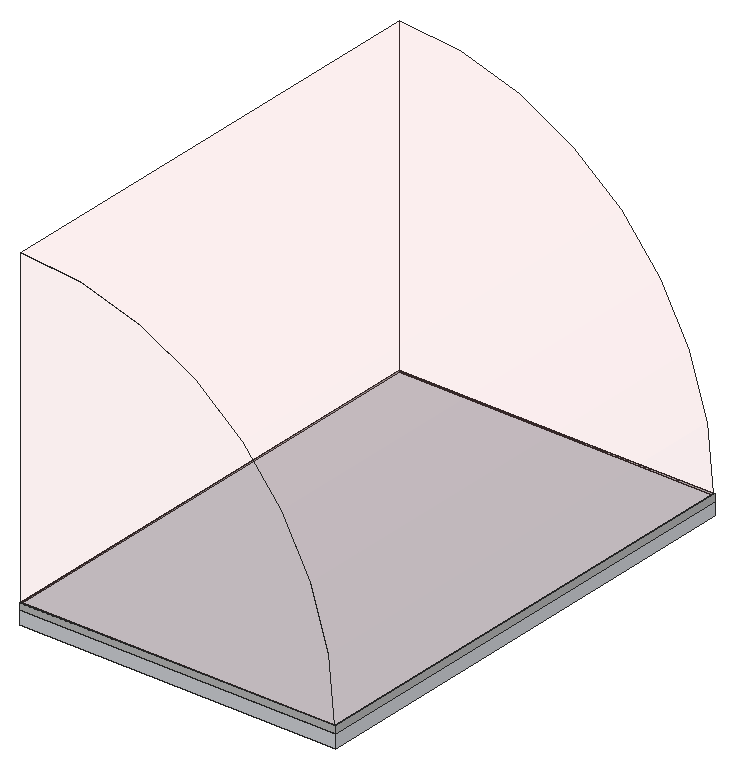
Revit family "Door_Access_Drywall-Recess_Acudor_DW-5058", category Generic Models, host Face, Revit 2020
Family settings
  Host = Face
  Can host rebar = No
  Round Connector Dimension = Use Diameter
  Part Type = Normal
  Cut with Voids When Loaded = No
  Shared = No
  Room Calculation Point = No
Parameters (values of type "24 x 36 Nom")
  negdrythick [instance] = -(Drywall Thickness)  # -0' - 0 1/2"
  Warranty Duration (Years) = 0
  Unit Width = 2' - 0"
  Unit Weight = 10
  Unit Height = 3' - 0"
  Unit Depth = 0' - 1 1/2"
  URL = "http://www.acudor.com/"
  Test Data = ""
  Swing Clearance Visible [instance] = yes
  Standards Conformance = "as Specified"
  Specification = ""
  SpecWizard = ""
  Send Message = ""
  Sales Information = "http://www.acudor.com/contactus"
  Revision = "R1_2017-03"
  Product Properties = ""
  Product Data = "http://www.arcat.com/arcatcos/cos30/arc30126.html"
  Overall Width = 2' - 2"
  Overall Height = 3' - 2"
  Opening Width = Unit Width + 0' 0 3/8"  # 2' - 0 3/8"
  Opening Height = Unit Height + 0' 0 3/8"  # 3' - 0 3/8"
  Opening Depth [instance] = 1' - 0"
  Mounting Height [instance] = 2' - 0"
  Model = "DW-5058"
  Manufacturer Website = "http://www.acudor.com/"
  Manufacturer Phone - Toll Free = "800-722-0501"
  Manufacturer Phone = "973-575-5120"
  Manufacturer Fax = "973-575-5160"
  Manufacturer Address = "80 Little Falls Rd.  Fairfield, NJ 07004"
  Manufacturer = "Acudor Products Inc"
  Maintenance Schedule (Months) = 0
  Keynote = ""
  Installation-Fabrication = ""
  Installation Phase = ""
  Green Building-LEED = "http://www.arcat.com/green/clients/leed_data_30126.html"
  Fixture Finish [instance] = Metal - Acudor - Steel
  Fire Performance = "as Specified"
  Expected Lifespan (Years) = 0
  Drywall Thickness [instance] = 0' - 0 1/2"
  Drywall Finish [instance] = none
  Drawn By = "Sumex Design, Inc. / Robert S. Weygant, CSI, CDT, SCIP"
  Door Width = Unit Width - 0' 0 1/8"  # 1' - 11 7/8"
  Door Height = Unit Height - 0' 0 1/8"  # 2' - 11 7/8"
  Description = "Acudor Recessed Drywall Panel Access Door for Wall or Ceiling - DW-5058 as Specified"
  Default Elevation = 0' - 0"  # constant formula
  Copyright = "©Arcat Inc."
  Construction Details = ""
  Clearance Material [instance] = ARCAT Clearance
  Clear Opening Width = 2' - 0"
  Clear Opening Height = 3' - 0"
  Available Options [instance] = "as Specified"
  Assembly Code = ""
Types (5): name | Unit Width | Unit Weight | Unit Height | Overall Width | Overall Height | Opening Width | Opening Height | Door Width | Door Height | Clear Opening Width | Clear Opening Height
  24 x 36 Nom | 2' - 0" | 10 | 3' - 0" | 2' - 2" | 3' - 2" | 2' - 0 3/8" | 3' - 0 3/8" | 1' - 11 7/8" | 2' - 11 7/8" | 2' - 0" | 3' - 0"
  24 x 24 Nom | 2' - 0" | 6 | 2' - 0" | 2' - 2" | 2' - 2" | 2' - 0 3/8" | 2' - 0 3/8" | 1' - 11 7/8" | 1' - 11 7/8" | 2' - 0" | 2' - 0"
  18 x 18 Nom | 1' - 6" | 3 | 1' - 6" | 1' - 8" | 1' - 8" | 1' - 6 3/8" | 1' - 6 3/8" | 1' - 5 7/8" | 1' - 5 7/8" | 1' - 6" | 1' - 6"
  16 x 16 Nom | 1' - 4" | 2 | 1' - 4" | 1' - 6" | 1' - 6" | 1' - 4 3/8" | 1' - 4 3/8" | 1' - 3 7/8" | 1' - 3 7/8" | 1' - 4" | 1' - 4"
  12 x 12 Nom | 1' - 0" | 1 | 1' - 0" | 1' - 2" | 1' - 2" | 1' - 0 3/8" | 1' - 0 3/8" | 0' - 11 7/8" | 0' - 11 7/8" | 1' - 0" | 1' - 0"
Reference planes (in)
  plane 1 "Center (Front/Back)": y = -18
  plane 2: z = 0
  plane 3 "Center (Left/Right)": x = 0
  plane 4: y = 0
  plane 5: y = -36
  plane 6: x = -12
  plane 7: x = 12
  plane 8: z = 0
  plane 9: y = 1
  plane 10: y = -37
  plane 11: x = -13
  plane 12: x = 13
  plane 13: z = -1.5
  plane 14: x = -12.1875
  plane 15: x = 12.1875
  plane 16: y = 0.1875
  plane 17: y = -36.1875
  plane 18: z = -12
  plane 19 "FF": y = -60
Forms (in)
  Extrusion 1, void
    sketch origin (0, 0, 0) x (1, 0, 0) y (0, 1, 0)
      loop
        line (-12.1875, 0.1875) -> (-12.1875, -36.1875) -> (12.1875, -36.1875) -> (12.1875, 0.1875) -> (-12.1875, 0.1875)
    from -12 to -0.125
  Extrusion 2, solid, material "Metal - Acudor - Steel" <- "Fixture Finish"
    sketch origin (0, 0, 0) x (1, 0, 0) y (0, 1, 0)
      loop
        line (-12, 0) -> (-12, -36) -> (12, -36) -> (12, 0) -> (-12, 0)
      loop
        line (-11.9375, -35.9375) -> (11.9375, -35.9375) -> (11.9375, -0.0625) -> (-11.9375, -0.0625) -> (-11.9375, -35.9375)
    from 0 to -0.5 <- "negdrythick"
  Extrusion 3, solid
    sketch origin (0, 0, 0) x (1, 0, 0) y (0, 1, 0)
      loop
        line (-12, 0) -> (-12, -36) -> (12, -36) -> (12, 0) -> (-12, 0)
    from -0.5 <- "negdrythick" to -1.5
  Extrusion 4, solid, material <- "Drywall Finish"
    sketch origin (0, 0, 0) x (1, 0, 0) y (0, 1, 0)
      loop
        line (-11.9375, -0.0625) -> (-11.9375, -35.9375) -> (11.9375, -35.9375) -> (11.9375, -0.0625) -> (-11.9375, -0.0625)
    from -0.03125 to -0.5 <- "negdrythick"
  Extrusion 5, void
    sketch origin (0, 0, 0) x (1, 0, 0) y (0, 1, 0)
      loop
        line (-12, 0) -> (-12, -36) -> (12, -36) -> (12, 0) -> (-12, 0)
    from 0 to -0.125
  Extrusion 6, solid, material "ARCAT Clearance" <- "Clearance Material", visible <- "Swing Clearance Visible"
    sketch origin (0, -18, 0) x (1, 0, 0) y (0, 0, 1)
      loop
        arc (11.9375, 0) -> (4.94467, 16.88217) -> (-11.9375, 23.875) r 23.875
        line (-11.9375, 23.875) -> (-11.9375, 0) -> (11.9375, 0)
    from -18 to 18
Lines and regions (in)
  model lines, style "GenericModelHiddenLines"
    curve 1: line (12, 0, -0.03125) -> (-12, -18, -0.03125)
    curve 2: line (-12, -18, -0.03125) -> (12, -36, -0.03125)
Dimensions and locks (in)
  locked: plane 8 to level
  equal spacing: plane 4, plane 1 "Center (Front/Back)", plane 5
  "Unit Height": plane 4 to plane 5
  equal spacing: plane 6, plane 3 "Center (Left/Right)", plane 7
  "Unit Width": plane 6 to plane 7
  equal spacing: plane 11, plane 3 "Center (Left/Right)", plane 12
  equal spacing: plane 9, plane 1 "Center (Front/Back)", plane 10
  "Overall Width": plane 11 to plane 12
  "Overall Height": plane 9 to plane 10
  "Unit Depth": plane 8 to plane 13
  equal spacing: plane 16, plane 1 "Center (Front/Back)", plane 17
  equal spacing: plane 14, plane 3 "Center (Left/Right)", plane 15
  "Opening Width": plane 14 to plane 15
  "Opening Height": plane 16 to plane 17
  "Opening Depth": level to plane 18
  locked: plane 6 to Extrusion 2 sketch curve at 0.0625
  locked: plane 4 to Extrusion 2 sketch curve at 0.0625
  locked: Extrusion 2 sketch curve to plane 7 at 0.0625
  locked: Extrusion 2 sketch curve to plane 5 at 0.0625
  locked: plane 6 to Extrusion 4 sketch curve at 0.0625
  locked: Extrusion 4 sketch curve to plane 7 at 0.0625
  locked: plane 4 to Extrusion 4 sketch curve at 0.0625
  locked: Extrusion 4 sketch curve to plane 5 at 0.0625
  "Mounting Height": plane 5 to plane 19 "FF"
  locked: Extrusion 6 sketch curve to plane 6 at 0.0625
  "Door Width": radius of Extrusion 6 sketch curve
  aligned and locked: host face to plane 2
  aligned and locked: host face to level
  aligned and locked: Extrusion 1 sketch curve to plane 16
  aligned and locked: Extrusion 1 sketch curve to plane 14
  aligned and locked: plane 17 to Extrusion 1 sketch curve
  aligned and locked: Extrusion 1 sketch curve to plane 15
  aligned and locked: Extrusion 1 to plane 18
  aligned and locked: Extrusion 2 sketch curve to plane 4
  aligned and locked: Extrusion 2 sketch curve to plane 6
  aligned and locked: plane 5 to Extrusion 2 sketch curve
  aligned and locked: Extrusion 2 sketch curve to plane 7
  aligned and locked: Extrusion 5 sketch curve to Extrusion 2  (x4)
  aligned and locked: plane 1 "Center (Front/Back)" to curve 2
  aligned and locked: plane 6 to curve 2
  aligned and locked: Extrusion 6 to plane 5
  aligned and locked: plane 4 to Extrusion 6
  aligned and locked: Extrusion 3 sketch curve to Extrusion 2  (x3)
  aligned and locked: Extrusion 3 sketch curve to plane 6
Automatic sketch dimensions
  host sketch curve to host sketch curve = 12' - 11.75605"
  host sketch curve to host sketch curve = 12' - 7.74281"
  Extrusion 4 to curve 2 = 0' - 0 1/16"  (x2)
  Extrusion 4 to curve 1 = 0' - 0 1/16"  (x2)
  Extrusion 6 sketch curve to level = 0' - 0"
  Extrusion 6 sketch curve to Extrusion 6 sketch curve = 0' - 0"
